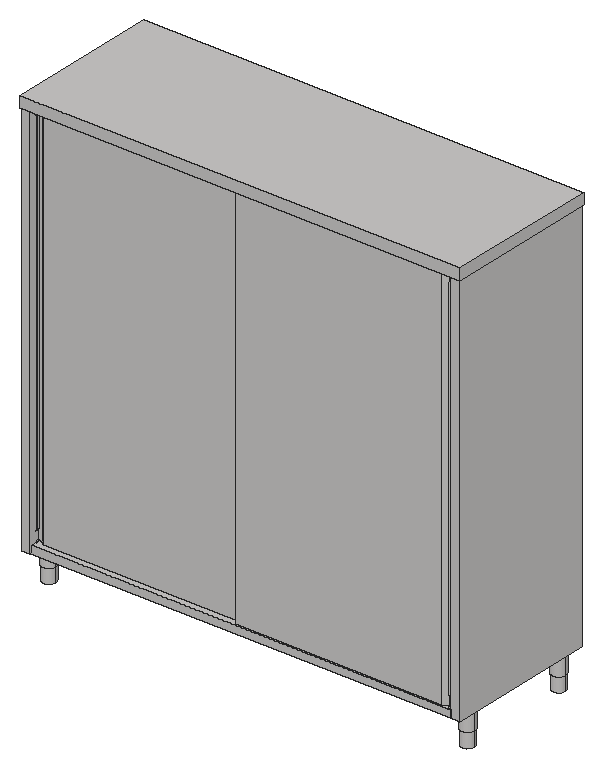
Revit family "QF_ELECTROLUXPROFESSIONAL_133103_AS2000EN", category Attrezzature speciali, Revit 2020
Family settings
  Quota connettore circolare = Usa diametro
  Tipo di parte = Normale
  Basato su piano di lavoro = No
  Sempre verticale = Sì
  Taglio con vuoti quando caricato = No
  Condiviso = No
  Punto di calcolo locali = No
Parameters (values of type "Standard")
  Weight = 140.00 kg
  Watts = 0 W
  Volts = 0 V
  URL Manufacturer = "https://www.electroluxprofessional.com/"
  URL = "https://www.electroluxprofessional.com/"
  Steam Supply Size = 0 mm
  Steam Supply Minimum Pressure = 0.0 Pa
  Steam Supply Maximum Pressure = 0.0 Pa
  Steam Consumption per Hour = 0
  Refrigeration Suction Line Size = 0.0 mm
  Refrigeration Liquid Line Size = 0.0 mm
  Refrigerant Compressor Remote = yes
  Prospetto di default = 0.0 mm
  Phase = 0
  Modello = "AS2000EN"
  Produttore = "Electrolux Professional"
  Length Actual = 2000.0 mm  # constant formula
  Item Number = "133103"
  Hot Water Size = 0 mm
  Height Actual = 2000.0 mm  # constant formula
  HP = "0 HP"
  Gas Size = 0 mm
  Gas KW = 0
  Gas Input Pressure = 0 W
  Direct Waste Size = 0 mm
  Descrizione = "STORAGE CABINET W/SLIDING DOORS 2000 MM"
  Depth Actual = 700.0 mm  # constant formula
  Cycle = 0 Hz
  Condensate Return Size = 0 mm
  Compressed Air Volume = 0.0 L/s
  Compressed Air Size = 0 mm
  Compressed Air Pressure = 0.0 Pa
  Cold Water Size = 0 mm
  Accessory = yes
Reference planes
  plane 1 "Center (Front/Back)": y = 0
  plane 2: z = 0
  plane 3 "Center (Left/Right)": x = -300
  plane 4 "LEFT": x = -1300
  plane 5 "RIGHT": x = 700
  plane 6 "BACK": y = 350
  plane 7 "FRONT": y = -350
  plane 8 "TOP": z = 2000
  plane 9: x = -1252
  plane 10: x = 652
  plane 11: y = 270
  plane 12: y = -247
  plane 13 "FEET": z = 150
  plane 14: x = -1254.5
  plane 15: y = -344.5
  plane 16: x = 654.5
  plane 17: x = -326.5
  plane 18: x = -273.5
  plane 19 "BaseTop": z = 1950
  plane 20: x = -1294.5
  plane 21: x = 694.5
  plane 22: y = 344.5
Forms (mm)
  Extrusion 1, solid, material "QF_Finishes_Stainless Steel"
    sketch origin (0, 0, 150) x (-1, 0, 0) y (0, -1, 0)
      loop
        line (1294.5, -350) -> (1294.5, 350) -> (1254.5, 350) -> (1254.5, -350) -> (1294.5, -350)
      loop
        line (-654.5, -350) -> (-654.5, 344.5) -> (-694.5, 344.5) -> (-694.5, -350) -> (-654.5, -350)
    from 0 to 1800
  Extrusion 2, solid, material "QF_Finishes_Stainless Steel"
    sketch origin (0, 0, 150) x (-1, 0, 0) y (0, -1, 0)
      loop
        line (1254.5, -347) -> (1254.5, 344.5) -> (-654.5, 344.5) -> (-654.5, -347) -> (1254.5, -347)
    from 0 to 35
  Extrusion 3, solid, material "QF_Finishes_Stainless Steel"
    sketch origin (33, 0, 150) x (-1, 0, 0) y (0, -1, 0)
      loop
        line (306.5, 324.5) -> (306.5, 304.5) -> (1285, 304.5) -> (1285, 319.071) -> (1277.942, 326.129) -> (1276.312, 324.5) -> (1283, 317.812) -> (1283, 309.5) -> (1266.034, 309.5) -> (1246.034, 324.5) -> (306.5, 324.5)
    from 1800 to 40
  Extrusion 4, void
    sketch origin (0, -350, 0) x (-1, 0, 0) y (0, 0, 1)
      loop
        line (1242.418, 247.973) -> (1242.418, 191.4) -> (1254.5, 191.4) -> (1254.5, 229.369) -> (1242.418, 247.973)
      loop
        line (1242.418, 1916.627) -> (1254.5, 1935.231) -> (1254.5, 1950) -> (1242.418, 1950) -> (1242.418, 1916.627)
    from 20.5 to 40.5
  Extrusion 5, solid, material "QF_Finishes_Stainless Steel"
    sketch origin (0, 0, 150) x (-1, 0, 0) y (0, -1, 0)
      loop
        line (-654.5, -350) -> (1254.5, -350) -> (1254.5, -327) -> (-654.5, -327) -> (-654.5, -350)
    from 1800 to 35
  Extrusion 6, solid, material "QF_Finishes_Stainless Steel"
    sketch origin (0, 0, 1950) x (-1, 0, 0) y (0, -1, 0)
      loop
        line (1300, 350) -> (-700, 350) -> (-700, -350) -> (1300, -350) -> (1300, 350)
    from 0 to 50
  Extrusion 7, solid, material "QF_Finishes_Stainless Steel"
    sketch origin (-633, 0, 150) x (1, 0, 0) y (0, 1, 0)
      loop
        line (306.5, -344.5) -> (1246.034, -344.5) -> (1266.034, -329.5) -> (1283, -329.5) -> (1283, -337.812) -> (1276.312, -344.5) -> (1277.942, -346.129) -> (1285, -339.071) -> (1285, -324.5) -> (306.5, -324.5) -> (306.5, -344.5)
    from 1800 to 40
  Extrusion 8, void
    sketch origin (-600, -350, 0) x (1, 0, 0) y (0, 0, -1)
      loop
        line (1242.418, -247.973) -> (1254.5, -229.369) -> (1254.5, -191.4) -> (1242.418, -191.4) -> (1242.418, -247.973)
      loop
        line (1242.418, -1916.627) -> (1242.418, -1950) -> (1254.5, -1950) -> (1254.5, -1935.231) -> (1242.418, -1916.627)
    from 2.538 to 20.5
Cuts and joins
  Extrusion 4, Extrusion 8 cuts Extrusion 3
  Extrusion 8 cuts Extrusion 1
  Extrusion 8 cuts Extrusion 7
Lines and regions (mm)
  symbolic lines, style "SpecialityEquipmentHiddenLines"
    curve 1: line (-1251.5, -324.5, 1600) -> (-1251.5, -329.5, 1600)
    curve 6: line (-1300, -350, 1950) -> (700, 350, 1950)
    curve 7: line (-326.5, -324.5, 200) -> (-326.5, -344.5, 200)
    curve 8: line (-1252, -304.5, 1950) -> (-273.5, -304.5, 1950)
    curve 9: line (-273.5, -304.5, 1950) -> (-273.5, -324.5, 1950)
    curve 10: line (-273.5, -324.5, 1950) -> (-1213.034, -324.5, 1950)
    curve 11: line (-1213.034, -324.5, 1950) -> (-1233.034, -309.5, 1950)
    curve 12: line (-1233.034, -309.5, 1950) -> (-1252, -309.5, 1950)
    curve 13: line (-1252, -309.5, 1950) -> (-1252, -304.5, 1950)
    curve 14: line (-326.5, -344.5, 1950) -> (613.034, -344.5, 1950)
    curve 15: line (613.034, -344.5, 1950) -> (633.034, -329.5, 1950)
    curve 16: line (633.034, -329.5, 1950) -> (652, -329.5, 1950)
    curve 17: line (652, -329.5, 1950) -> (652, -324.5, 1950)
    curve 18: line (652, -324.5, 1950) -> (-273.5, -324.5, 1950)
  symbolic lines, style "SpecialityEquipment"
    curve 2: line (-1300, 350, 1950) -> (700, 350, 1950)
    curve 3: line (-1300, -350, 1950) -> (-1300, 350, 1950)
    curve 4: line (700, -350, 1950) -> (-1300, -350, 1950)
    curve 5: line (700, 350, 1950) -> (700, -350, 1950)
Dimensions and locks
  plane 4 "LEFT" to plane 5 "RIGHT" = 2000.0 mm
  equal spacing: plane 4 "LEFT", plane 3 "Center (Left/Right)", plane 5 "RIGHT"
  plane 6 "BACK" to plane 7 "FRONT" = 700.0 mm
  equal spacing: plane 6 "BACK", plane 1 "Center (Front/Back)", plane 7 "FRONT"
  locked: plane 13 "FEET" to level at 150
  locked: plane 4 "LEFT" to plane 9 at 48
  locked: plane 10 to plane 5 "RIGHT" at 48
  locked: plane 6 "BACK" to plane 11 at 80
  locked: plane 12 to plane 7 "FRONT" at 103
  locked: plane 8 "TOP" to level at 2000
  locked: plane 17 to plane 18 at 53
  equal spacing: plane 17, plane 3 "Center (Left/Right)", plane 18
  locked: plane 8 "TOP" to plane 19 "BaseTop" at 50
  plane 4 "LEFT" to plane 20 = 5.5 mm
  locked: plane 20 to plane 14 at 40
  locked: plane 16 to plane 21 at 40
  locked: plane 21 to plane 5 "RIGHT" at 5.5
  plane 15 to plane 7 "FRONT" = 5.5 mm  (x2)
  plane 6 "BACK" to plane 22 = 5.5 mm
  aligned and locked: level to plane 2
  aligned and locked: plane 9 to nested 1
  aligned and locked: plane 10 to nested 2
  aligned and locked: nested 4 to plane 11
  aligned and locked: plane 9 to nested 3
  aligned and locked: nested 3 to plane 11
  aligned and locked: plane 6 "BACK" to Extrusion 1 sketch curve
  aligned and locked: Extrusion 1 sketch curve to plane 6 "BACK"
  aligned and locked: Extrusion 1 sketch curve to plane 7 "FRONT"
  aligned and locked: plane 14 to Extrusion 1
  aligned and locked: Extrusion 2 to plane 14
  aligned and locked: Extrusion 2 to plane 15
  aligned and locked: nested 1 to plane 12
  aligned and locked: nested 2 to plane 12
  aligned and locked: Extrusion 2 sketch curve to plane 16
  aligned and locked: plane 18 to Extrusion 3
  aligned and locked: nested 4 to nested 2
  aligned and locked: plane 16 to Extrusion 5
  aligned and locked: Extrusion 5 to plane 14
  aligned and locked: plane 19 "BaseTop" to Extrusion 3
  aligned and locked: plane 19 "BaseTop" to Extrusion 5
  aligned and locked: plane 19 "BaseTop" to cut or joined group of Extrusion 7, Extrusion 8
  aligned and locked: plane 19 "BaseTop" to cut or joined group of Extrusion 1, Extrusion 8
Automatic sketch dimensions
  Extrusion 1 sketch curve to plane 15 = 0.0 mm
  Extrusion 1 sketch curve to plane 21 = 0.0 mm
  Extrusion 1 sketch curve to plane 16 = 0.0 mm
  Extrusion 1 sketch curve to plane 14 = 0.0 mm
  Extrusion 1 sketch curve to plane 20 = 0.0 mm
  Extrusion 2 sketch curve to plane 14 = 0.0 mm
  Extrusion 2 sketch curve to plane 15 = 0.0 mm
  plane 22 to Extrusion 2 sketch curve = 2.5 mm
  Extrusion 3 sketch curve to plane 18 = 0.0 mm
  plane 15 to Extrusion 3 sketch curve = 20.0 mm  (x2)
  Extrusion 3 sketch curve to plane 9 = 0.0 mm
  plane 9 to Extrusion 3 sketch curve = 38.966 mm
  plane 9 to Extrusion 3 sketch curve = 18.966 mm
  plane 9 to Extrusion 3 sketch curve = 8.688 mm
  plane 15 to Extrusion 3 sketch curve = 18.371 mm
  Extrusion 3 sketch curve to Extrusion 3 sketch curve = 1.629 mm
  plane 9 to Extrusion 3 sketch curve = 2.0 mm
  plane 15 to Extrusion 3 sketch curve = 35.0 mm
  Extrusion 3 sketch curve to Extrusion 3 sketch curve = 5.0 mm
  plane 9 to curve 1 = 0.5 mm
  plane 15 to curve 1 = 15.0 mm
  curve 1 to curve 1 = 5.0 mm
  curve 7 to plane 15 = 0.0 mm
  curve 7 to plane 17 = 0.0 mm
  plane 15 to curve 7 = 20.0 mm
  Extrusion 5 sketch curve to plane 6 "BACK" = 0.0 mm
  Extrusion 5 sketch curve to plane 16 = 0.0 mm
  Extrusion 5 sketch curve to plane 14 = 0.0 mm
  plane 22 to Extrusion 5 sketch curve = 17.5 mm
  Extrusion 6 sketch curve to plane 5 "RIGHT" = 0.0 mm
  Extrusion 6 sketch curve to plane 4 "LEFT" = 0.0 mm
  Extrusion 6 sketch curve to plane 6 "BACK" = 0.0 mm
  Extrusion 6 sketch curve to plane 7 "FRONT" = 0.0 mm
  Extrusion 7 sketch curve to plane 17 = 0.0 mm
  Extrusion 7 sketch curve to plane 15 = 0.0 mm  (x2)
  Extrusion 7 sketch curve to plane 10 = 0.0 mm
  plane 10 to Extrusion 7 sketch curve = 38.966 mm
  plane 10 to Extrusion 7 sketch curve = 18.966 mm
  plane 10 to Extrusion 7 sketch curve = 8.688 mm
  plane 15 to Extrusion 7 sketch curve = 1.629 mm
  Extrusion 7 sketch curve to Extrusion 7 sketch curve = 1.629 mm
  plane 10 to Extrusion 7 sketch curve = 2.0 mm
  Extrusion 7 sketch curve to plane 15 = 15.0 mm
  Extrusion 7 sketch curve to Extrusion 7 sketch curve = 5.0 mm
  Extrusion 4 sketch curve to plane 19 "BaseTop" = 0.0 mm
  Extrusion 4 sketch curve to plane 14 = 0.0 mm  (x2)
  plane 9 to Extrusion 4 sketch curve = 9.582 mm  (x2)
  Extrusion 4 sketch curve to plane 19 "BaseTop" = 14.769 mm
  plane 13 "FEET" to Extrusion 4 sketch curve = 97.973 mm
  Extrusion 4 sketch curve to Extrusion 4 sketch curve = 18.604 mm  (x2)
  Extrusion 4 sketch curve to Extrusion 4 sketch curve = 37.969 mm
  Extrusion 8 sketch curve to plane 19 "BaseTop" = 0.0 mm
  plane 16 to Extrusion 8 sketch curve = 0.0 mm
  plane 10 to Extrusion 8 sketch curve = 9.582 mm  (x2)
  Extrusion 8 sketch curve to Extrusion 8 sketch curve = 18.604 mm  (x2)
  Extrusion 8 sketch curve to Extrusion 8 sketch curve = 37.969 mm
  Extrusion 8 sketch curve to plane 16 = 0.0 mm
  plane 19 "BaseTop" to Extrusion 8 sketch curve = 14.769 mm
  Extrusion 8 sketch curve to plane 13 "FEET" = 97.973 mm
  curve 6 to plane 5 "RIGHT" = 0.0 mm
  curve 17 to plane 10 = 0.0 mm
  curve 14 to plane 15 = 0.0 mm
  curve 10 to plane 18 = 0.0 mm
  curve 14 to plane 17 = 0.0 mm
  curve 12 to plane 9 = 0.0 mm
  curve 4 to plane 4 "LEFT" = 0.0 mm
  curve 2 to plane 6 "BACK" = 0.0 mm
  curve 5 to plane 7 "FRONT" = 0.0 mm
  curve 16 to plane 10 = 18.966 mm
  curve 15 to curve 14 = 20.0 mm
  plane 9 to curve 10 = 38.966 mm
  curve 12 to curve 12 = 18.966 mm
  curve 8 to curve 12 = 5.0 mm
  curve 8 to curve 10 = 20.0 mm
  plane 15 to curve 17 = 15.0 mm
  curve 17 to curve 16 = 5.0 mm
Nested families
  nested 1: "FEET_D60-150" at (-1252, -247, 0), type "FEET_D60-150"
  nested 2: "FEET_D60-150" at (652, -247, 0), type "FEET_D60-150"
  nested 3: "FEET_D60-150" at (-1252, 270, 0), type "FEET_D60-150"
  nested 4: "FEET_D60-150" at (652, 270, 0), type "FEET_D60-150"
Definition of nested family "FEET_D60-150"
  Parameters
    Default Elevation = 0.0 mm
    FEET = 150.0 mm
  Reference planes
    plane 1 "Center (Front/Back)": y = 0
    plane 2: z = 0
    plane 3 "Center (Left/Right)": x = 0
    plane 4: z = 150
  Forms (mm)
    Extrusion 1, solid
      sketch origin (0, 0, 0) x (1, 0, 0) y (0, 1, 0)
        loop
          circle (0, 0) r 28
      from 0 to 67
    Revolve 2, solid
      sketch origin (0, 0, 0) x (1, 0, 0) y (0, 0, 1)
        loop
          line (0, 0) -> (0, 150) -> (-32.939, 150) -> (-32.939, 67) -> (-30, 67) -> (-30, 0) -> (0, 0)
        axis (0, 150) -> (0, 0)
      angle from 0 to 360
  Lines and regions (mm)
    symbolic lines
      curve 1: line (0, -1.503, 0) -> (0, 1.508, 0)
      curve 2: line (1.561, 0, 0) -> (-1.439, 0, 0)
  Dimensions and locks
    "FEET": plane 4 to plane 2
    aligned and locked: level to plane 2
  Automatic sketch dimensions
    plane 1 "Center (Front/Back)" to Extrusion 1 sketch curve = 0.0 mm
    Extrusion 1 sketch curve to plane 3 "Center (Left/Right)" = 0.0 mm
    plane 1 "Center (Front/Back)" to curve 2 = 0.0 mm
    curve 1 to plane 3 "Center (Left/Right)" = 0.0 mm
    curve 2 to plane 3 "Center (Left/Right)" = 1.439 mm
    plane 3 "Center (Left/Right)" to curve 2 = 1.561 mm
    plane 1 "Center (Front/Back)" to curve 1 = 1.503 mm
    curve 1 to plane 1 "Center (Front/Back)" = 1.508 mm
    Revolve 2 sketch curve to plane 4 = 0.0 mm
    Revolve 2 sketch curve to level = 0.0 mm
    Revolve 2 sketch curve to plane 3 "Center (Left/Right)" = 0.0 mm  (x2)
    Revolve 2 sketch curve to plane 3 "Center (Left/Right)" = 30.0 mm
    Revolve 2 sketch curve to plane 3 "Center (Left/Right)" = 32.939 mm
    level to Revolve 2 sketch curve = 67.0 mm
    Revolve 2 sketch curve to level = 42.207 mm
    Revolve 2 sketch curve to Revolve 2 sketch curve = 10.0 mm
    radius of Extrusion 1 sketch curve = 28.0 mm
